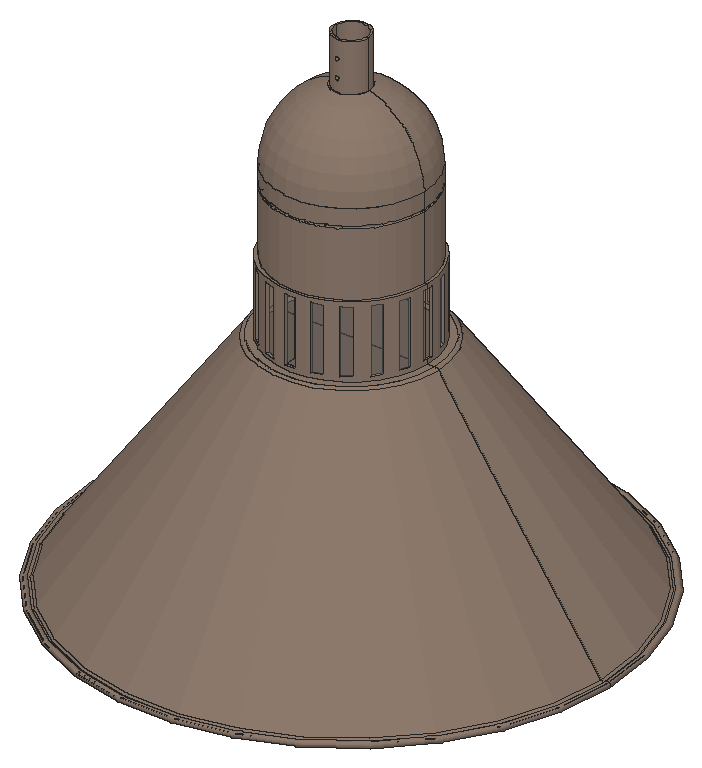
Revit family "BVA3002", category Generic Models, Revit 2014
Parameters
  GLASS = Glass
  DETAIL = Bronze, Architectural
  BELL = Bronze, Architectural
Reference planes (in)
  plane 1 "Center (Front/Back)": y = 0
  plane 2: z = 0
  plane 3 "Center (Left/Right)": x = 0
Forms (in)
  Revolve 1, solid, material "Bronze, Architectural" <- "BELL"
    sketch origin (0, 0, 6.66097) x (1, 0, 0) y (0, 0, 1)
      loop
        line (0.69, 19.55254) -> (0.69, 19.42754) -> (1.0465, 19.42754)
        arc (1.0465, 19.42754) -> (3.26592, 17.9573) -> (4.125, 15.4375) r 4.125
        line (4.125, 15.4375) -> (4.125, 14.5539)
        arc (4.125, 14.5539) -> (4.08643, 14.4375) -> (4.125, 14.3211) r 0.19492
        line (4.125, 14.3211) -> (4.125, 10.6875) -> (4.25, 10.6875) -> (4.25, 14.375)
        arc (4.25, 14.375) -> (4.21143, 14.4375) -> (4.25, 14.5) r 0.06992
        line (4.25, 14.5) -> (4.25, 15.4375)
        arc (4.25, 15.4375) -> (3.35992, 18.04008) -> (1.0625, 19.55254) r 4.25
        line (1.0625, 19.55254) -> (0.69, 19.55254)
      axis (0, 19.55254) -> (0, 10.6875)
    angle from 0 to 360
  Revolve 2, solid, material "Bronze, Architectural" <- "BELL"
    sketch origin (0, 0, 6.66097) x (1, 0, 0) y (0, 0, 1)
      loop
        line (4.4375, 10.6875) -> (4.25, 10.6875) -> (4.125, 10.6875) -> (4.125, 10.5625) -> (4.3125, 10.5625) -> (4.3125, 6.625) -> (4.3125, 6.375) -> (4.4375, 6.375) -> (4.87357, 6.375)
        arc (4.87357, 6.375) -> (4.92998, 6.36155) -> (4.97425, 6.32408) r 0.125
        line (4.97425, 6.32408) -> (14.40111, -6.48749)
        arc (14.40111, -6.48749) -> (14.4783, -6.56502) -> (14.56979, -6.62501) r 0.52882
        arc (14.56979, -6.62501) -> (14.73271, -6.68016) -> (14.90362, -6.69957) r 0.80764
        arc (14.90362, -6.69957) -> (15.04655, -6.46434) -> (14.77171, -6.44935) r 0.16042
        line (14.77171, -6.44935) -> (14.87529, -6.51932)
        arc (14.87529, -6.51932) -> (14.93597, -6.52263) -> (14.90441, -6.57457) r 0.03542
        arc (14.90441, -6.57457) -> (14.76132, -6.55847) -> (14.62479, -6.51272) r 0.68264
        arc (14.62479, -6.51272) -> (14.55727, -6.46813) -> (14.5, -6.41097) r 0.40382
        line (14.5, -6.41097) -> (5.07493, 6.39816)
        arc (5.07493, 6.39816) -> (4.98639, 6.47309) -> (4.87357, 6.5) r 0.25
        line (4.87357, 6.5) -> (4.4375, 6.5) -> (4.4375, 10.6875)
      axis (0, 10.6875) -> (0, -6.69957)
    angle from 0 to 360
  Extrusion 3, void
    sketch origin (0, 0, 6.66097) x (1, 0, 0) y (0, 0, 1)
      loop
        line (0.31188, 6.75) -> (0.31188, 10.4375) -> (-0.31188, 10.4375) -> (-0.31188, 6.75) -> (0.31188, 6.75)
    from 3.73148 to 4.63874
  Extrusion 4, void
    sketch origin (0, 0, 6.66097) x (-1, 0, 0) y (0, 0, 1)
      loop
        line (0.31188, 6.75) -> (0.31188, 10.4375) -> (-0.31188, 10.4375) -> (-0.31188, 6.75) -> (0.31188, 6.75)
    from 3.73148 to 4.63874
  Extrusion 5, void
    sketch origin (0, 0, 6.66097) x (0.951057, 0.309017, 0) y (0, 0, 1)
      loop
        line (0.31188, 6.75) -> (0.31188, 10.4375) -> (-0.31188, 10.4375) -> (-0.31188, 6.75) -> (0.31188, 6.75)
    from 3.73148 to 4.63874
  Extrusion 6, void
    sketch origin (0, 0, 6.66097) x (-0.951057, -0.309017, 0) y (0, 0, 1)
      loop
        line (0.31188, 6.75) -> (0.31188, 10.4375) -> (-0.31188, 10.4375) -> (-0.31188, 6.75) -> (0.31188, 6.75)
    from 3.73148 to 4.63874
  Extrusion 7, void
    sketch origin (0, 0, 6.66097) x (0.809017, 0.587785, 0) y (0, 0, 1)
      loop
        line (0.31188, 6.75) -> (0.31188, 10.4375) -> (-0.31188, 10.4375) -> (-0.31188, 6.75) -> (0.31188, 6.75)
    from 3.73148 to 4.63874
  Extrusion 8, void
    sketch origin (0, 0, 6.66097) x (-0.809017, -0.587785, 0) y (0, 0, 1)
      loop
        line (0.31188, 6.75) -> (0.31188, 10.4375) -> (-0.31188, 10.4375) -> (-0.31188, 6.75) -> (0.31188, 6.75)
    from 3.73148 to 4.63874
  Extrusion 9, void
    sketch origin (0, 0, 6.66097) x (0.587785, 0.809017, 0) y (0, 0, 1)
      loop
        line (0.31188, 6.75) -> (0.31188, 10.4375) -> (-0.31188, 10.4375) -> (-0.31188, 6.75) -> (0.31188, 6.75)
    from 3.73148 to 4.63874
  Extrusion 10, void
    sketch origin (0, 0, 6.66097) x (-0.587785, -0.809017, 0) y (0, 0, 1)
      loop
        line (0.31188, 6.75) -> (0.31188, 10.4375) -> (-0.31188, 10.4375) -> (-0.31188, 6.75) -> (0.31188, 6.75)
    from 3.73148 to 4.63874
  Extrusion 11, void
    sketch origin (0, 0, 6.66097) x (0.309017, 0.951057, 0) y (0, 0, 1)
      loop
        line (0.31188, 6.75) -> (0.31188, 10.4375) -> (-0.31188, 10.4375) -> (-0.31188, 6.75) -> (0.31188, 6.75)
    from 3.73148 to 4.63874
  Extrusion 12, void
    sketch origin (0, 0, 6.66097) x (-0.309017, -0.951057, 0) y (0, 0, 1)
      loop
        line (0.31188, 6.75) -> (0.31188, 10.4375) -> (-0.31188, 10.4375) -> (-0.31188, 6.75) -> (0.31188, 6.75)
    from 3.73148 to 4.63874
  Extrusion 13, void
    sketch origin (0, 0, 6.66097) x (0, 1, 0) y (0, 0, 1)
      loop
        line (0.31188, 6.75) -> (0.31188, 10.4375) -> (-0.31188, 10.4375) -> (-0.31188, 6.75) -> (0.31188, 6.75)
    from 3.73148 to 4.63874
  Extrusion 14, void
    sketch origin (0, 0, 6.66097) x (0, -1, 0) y (0, 0, 1)
      loop
        line (0.31188, 6.75) -> (0.31188, 10.4375) -> (-0.31188, 10.4375) -> (-0.31188, 6.75) -> (0.31188, 6.75)
    from 3.73148 to 4.63874
  Extrusion 15, void
    sketch origin (0, 0, 6.66097) x (-0.309017, 0.951057, 0) y (0, 0, 1)
      loop
        line (0.31188, 6.75) -> (0.31188, 10.4375) -> (-0.31188, 10.4375) -> (-0.31188, 6.75) -> (0.31188, 6.75)
    from 3.73148 to 4.63874
  Extrusion 16, void
    sketch origin (0, 0, 6.66097) x (0.309017, -0.951057, 0) y (0, 0, 1)
      loop
        line (0.31188, 6.75) -> (0.31188, 10.4375) -> (-0.31188, 10.4375) -> (-0.31188, 6.75) -> (0.31188, 6.75)
    from 3.73148 to 4.63874
  Extrusion 17, void
    sketch origin (0, 0, 6.66097) x (-0.587785, 0.809017, 0) y (0, 0, 1)
      loop
        line (0.31188, 6.75) -> (0.31188, 10.4375) -> (-0.31188, 10.4375) -> (-0.31188, 6.75) -> (0.31188, 6.75)
    from 3.73148 to 4.63874
  Extrusion 18, void
    sketch origin (0, 0, 6.66097) x (0.587785, -0.809017, 0) y (0, 0, 1)
      loop
        line (0.31188, 6.75) -> (0.31188, 10.4375) -> (-0.31188, 10.4375) -> (-0.31188, 6.75) -> (0.31188, 6.75)
    from 3.73148 to 4.63874
  Extrusion 19, void
    sketch origin (0, 0, 6.66097) x (-0.809017, 0.587785, 0) y (0, 0, 1)
      loop
        line (0.31188, 6.75) -> (0.31188, 10.4375) -> (-0.31188, 10.4375) -> (-0.31188, 6.75) -> (0.31188, 6.75)
    from 3.73148 to 4.63874
  Extrusion 20, void
    sketch origin (0, 0, 6.66097) x (0.809017, -0.587785, 0) y (0, 0, 1)
      loop
        line (0.31188, 6.75) -> (0.31188, 10.4375) -> (-0.31188, 10.4375) -> (-0.31188, 6.75) -> (0.31188, 6.75)
    from 3.73148 to 4.63874
  Extrusion 21, void
    sketch origin (0, 0, 6.66097) x (-0.951057, 0.309017, 0) y (0, 0, 1)
      loop
        line (0.31188, 6.75) -> (0.31188, 10.4375) -> (-0.31188, 10.4375) -> (-0.31188, 6.75) -> (0.31188, 6.75)
    from 3.73148 to 4.63874
  Extrusion 22, void
    sketch origin (0, 0, 6.66097) x (0.951057, -0.309017, 0) y (0, 0, 1)
      loop
        line (0.31188, 6.75) -> (0.31188, 10.4375) -> (-0.31188, 10.4375) -> (-0.31188, 6.75) -> (0.31188, 6.75)
    from 3.73148 to 4.63874
  Revolve 23, solid, material "Bronze, Architectural" <- "DETAIL"
    sketch origin (0, 0, -0.03434) x (1, 0, 0) y (0, 0, 1)
      loop
        line (13.55432, 0.68) -> (13.62688, 0.27787)
        arc (13.62688, 0.27787) -> (13.83236, 0.15504) -> (14.06879, 0.1175) r 0.63153
        line (14.06879, 0.1175) -> (14.27161, 0.1175) -> (14.54319, -0.00251) -> (14.74384, -0.00251) -> (14.29327, 0.18419) -> (13.69577, 0.2903) -> (13.6221, 0.6986) -> (13.61282, 0.75) -> (13.56059, 0.75) -> (12.41638, 0.75) -> (12.41638, 0.68) -> (13.55432, 0.68)
      axis (0, -0.00251) -> (0, 0.75)
    angle from 0 to 360
  Revolve 24, solid, material "Bronze, Architectural" <- "DETAIL"
    sketch origin (0, 0, -0.03434) x (1, 0, 0) y (0, 0, 1)
      loop
        line (12.37454, 0.54486) -> (12.37454, 0.10736) -> (11.87454, 0.10736) -> (11.87454, -0.14264) -> (12.49954, -0.14264) -> (12.49954, 0.16986) -> (13.56204, 0.16986) -> (13.56204, 0.54486) -> (12.37454, 0.54486)
      axis (0, 0.54486) -> (0, -0.14264)
    angle from 0 to 360
  Revolve 25, solid, material "Glass" <- "GLASS"
    sketch origin (0, 0, -0.03434) x (1, 0, 0) y (0, 0, 1)
      loop
        line (12.18812, 0.055) -> (12.18812, 0.18) -> (0, 0.18) -> (0, 0.055) -> (12.18812, 0.055)
      axis (0, 0.18) -> (0, 0.055)
    angle from 0 to 360
  Revolve 26, solid, material "Bronze, Architectural" <- "BELL"
    sketch origin (0, 0, 6.66097) x (1, 0, 0) y (0, 0, 1)
      loop
        line (-1, 22.30254) -> (-1, 19.55254) -> (-0.875, 19.55254) -> (-0.875, 22.30254) -> (-1, 22.30254)
      axis (0, 22.30254) -> (0, 19.55254)
    angle from 0 to 360
  Extrusion 27, void
    sketch origin (0, 0, 6.66097) x (1, 0, 0) y (0, 0, 1)
      loop
        circle (0, 21.30254) r 0.12446
      loop
        circle (0, 20.30254) r 0.12446
    from -1.09632 to 1.05805
  Revolve 28, solid, material "Glass" <- "GLASS"
    sketch origin (0, 0, 6.66097) x (1, 0, 0) y (0, 0, 1)
      loop
        line (-4.3125, 10.5625) -> (-4.3125, 6.375) -> (0, 6.375) -> (0, 10.5625) -> (-4.3125, 10.5625)
      axis (0, 10.5625) -> (0, 6.375)
    angle from 0 to 360
Cuts and joins
  Extrusion 3, Extrusion 4, Extrusion 5, Extrusion 6, Extrusion 7, Extrusion 8, Extrusion 9, Extrusion 10, Extrusion 11, Extrusion 12, Extrusion 13, Extrusion 14, Extrusion 15, Extrusion 16, Extrusion 17, Extrusion 18, Extrusion 19, Extrusion 20, Extrusion 21, Extrusion 22 cuts Revolve 2
  Extrusion 3 cuts Revolve 28
  Extrusion 27 cuts Revolve 26
Dimensions and locks (in)
  aligned and locked: plane 2 to level
